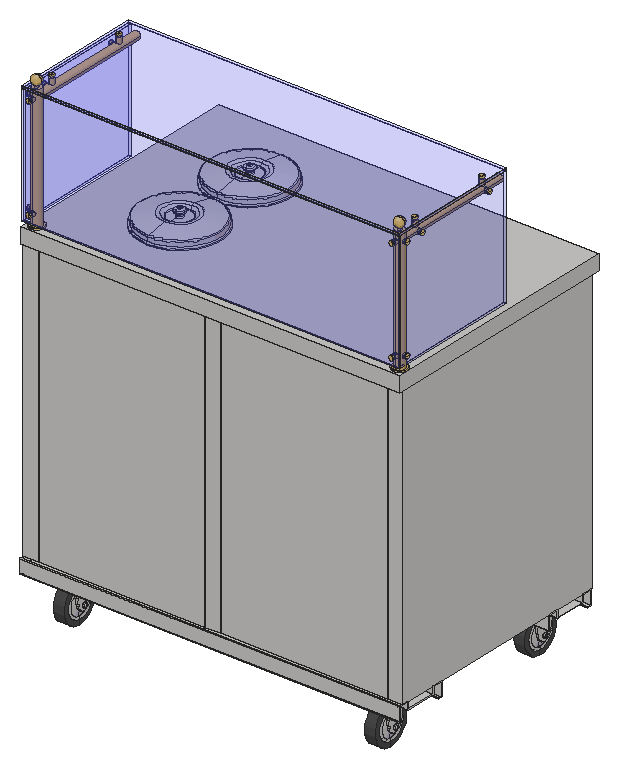
Revit family "Food-Service-Equipment_Oscartek_Pozzetti_PS2", category Specialty Equipment, Revit 2026
Family settings
  Round Connector Dimension = Use Diameter
  Part Type = Normal
  Classification Number = 23.40.40.11.17
  Work Plane-Based = No
  Enable Cutting in Views = No
  Always vertical = Yes
  Cut with Voids When Loaded = No
  Maintain Annotation Orientation = No
  Shared = No
  Room Calculation Point = No
Parameters
  Weight in Pounds = 250
  Watts = if(Phase = 3, Volts * FL Amps * 1.73, Volts * FL Amps)  # 586.5 W
  Waste Water Discharge Temperature = 0 °F
  Volts = 115 V
  URL Cutsheet = "www.oscartek.com"
  URL = "www.oscartek.com"
  Type Comments = "As Specified"
  Test Data = "http://www.oscartek.com/company/clients.php"
  Specification by User = ""
  Specification by Manufacturer = ""
  Specification = "https://www.arcat.com/arcatcos/cos48/arc48760.html"
  Show Sneeze Guard [instance] = yes
  Show Legs [instance] = not(Show Casters)  # no
  Show Casters [instance] = yes
  Serial Number = ""
  Seismic Rating = ""
  Sales Information = "http://www.oscartek.com/company/contact.php"
  SMACNA No = ""
  Revision Code = ""
  Revision = "R1_2018-10"
  Refrigerant Volume = 0.00 kip
  Refrigerant Type = "R404A"
  Product Data = "http://www.oscartek.com/support/manuals/"
  Phase = 1
  Number of Poles = 1
  NAFEM Spec ID Number = ""
  Model = "POZZETTI PS2"
  Min Ckt Ampacity = 0 A
  Max Overcurrent Protection = 0 A
  Masterspec = ""
  Manufacturer Website = "http://www.oscartek.com/index.php"
  Manufacturer Phone - Toll Free = "855-885-2400"
  Manufacturer Phone = "650-342-2400"
  Manufacturer Fax = "650-342-7400"
  Manufacturer Address = "361 Beach Rd., Burlingame, CA 94010"
  Manufacturer = "OSCARTEK"
  Length = 39.37"
  Item Number = ""
  Installed By = ""
  Installation-Fabrication = "http://www.oscartek.com/support/manuals/"
  Indirect Waste Size = 1/2"
  Indirect Waste Flow = 0 GPM
  Indirect Waste Connection Type = ""
  Indirect Waste Connection Height = 0.00"
  Identify Quantity as Lot = yes
  Height = 36.65347"
  HP = ""
  Green Building-LEED = "https://www.arcat.com/green/green_building.shtml"
  Furnished By = ""
  Foodservice Equipment Identifier = yes
  FL Amps = 5.1 A
  Elec Conn RI Height = 0.00"
  Elec Conn Connection Height = 0.00"
  Drawn By = "Sumex Design, Inc. / Robert S. Weygant, CSI, CDT, SCIP"
  Description = "POZZETTI WITH STORAGE (SELF CONTAINED)"
  Depth = 25.79"
  Default Elevation = 0.00"
  Cycle = 60 Hz
  Copyright = "©Arcat Inc."
  Construction Details = "http://www.oscartek.com/support/manuals/"
  Conn Plug = ""
  Conn Conduit = yes
  Category = ""
  CSI MasterFormat = "11 41 13"
  Building Codes = "https://www.arcat.com/arcatcos/cos48/arc48760.html"
  BTUH = 0.0 Btu/h
  Apparent Power = 0 VA
Reference planes (in)
  plane 1 "BACK": y = 0
  plane 2: z = 0
  plane 3 "LEFT": x = 0
  plane 4 "RIGHT": x = 39.37
  plane 5 "FRONT": y = -25.79
  plane 6 "TOP": z = 36.65347
  plane 7 "Center Y": x = 19.685
  plane 8 "Center X": y = -12.895
  plane 9: z = 4.37401
  plane 10: z = 50.65347
  plane 11: x = 35.82907
Forms (in)
  Extrusion 1, solid, material "QF_Metal - Stainless - Polished"
    sketch origin (0, 0, 0) x (0, 1, 0) y (0, 0, 1)
      loop
        line (0, 36.65347) -> (-25.79, 36.65347) -> (-25.79, 35.07867) -> (0, 35.07867) -> (0, 36.65347)
    from 0 to 39.37
  Extrusion 2, solid, material "QF_Metal - Stainless - Polished"
    sketch origin (0, 0, 0) x (0, 1, 0) y (0, 0, 1)
      loop
        line (-25.75344, 5.84644) -> (-24.73376, 5.84644) -> (-24.73376, 5.16928)
        arc (-24.73376, 5.16928) -> (-24.71416, 5.12196) -> (-24.66683, 5.10235) r 0.06693
        line (-24.66683, 5.10235) -> (-21.44601, 5.10235)
        arc (-21.44601, 5.10235) -> (-21.39894, 5.12185) -> (-21.37944, 5.16893) r 0.06658
        line (-21.37944, 5.16893) -> (-21.37944, 5.84644) -> (-20.35975, 5.84644) -> (-20.35975, 4.43306) -> (-20.72196, 4.43306) -> (-20.72196, 4.37401) -> (-20.36915, 4.37401)
        arc (-20.36915, 4.37401) -> (-20.32075, 4.39406) -> (-20.3007, 4.44246) r 0.06845
        line (-20.3007, 4.44246) -> (-20.3007, 5.84188)
        arc (-20.3007, 5.84188) -> (-20.31933, 5.88687) -> (-20.36432, 5.9055) r 0.06362
        line (-20.36432, 5.9055) -> (-21.37029, 5.9055)
        arc (-21.37029, 5.9055) -> (-21.41852, 5.88552) -> (-21.43849, 5.83729) r 0.06821
        line (-21.43849, 5.83729) -> (-21.43849, 5.16141) -> (-24.67471, 5.16141) -> (-24.67471, 5.83857)
        arc (-24.67471, 5.83857) -> (-24.69431, 5.8859) -> (-24.74164, 5.9055) r 0.06693
        line (-24.74164, 5.9055) -> (-25.74557, 5.9055)
        arc (-25.74557, 5.9055) -> (-25.7929, 5.8859) -> (-25.8125, 5.83857) r 0.06693
        line (-25.8125, 5.83857) -> (-25.8125, 4.43787)
        arc (-25.8125, 4.43787) -> (-25.7938, 4.39271) -> (-25.74864, 4.37401) r 0.06386
        line (-25.74864, 4.37401) -> (-25.39124, 4.37401) -> (-25.39124, 4.43306) -> (-25.75344, 4.43306) -> (-25.75344, 5.84644)
    from 0 to 39.37
  Extrusion 3, solid, material "QF_Metal - Stainless - Polished"
    sketch origin (0, -25.79, 0) x (0, -1, 0) y (0, 0, -1)
      loop
        line (-24.80029, -5.84644) -> (-24.80029, -4.43306) -> (-24.43808, -4.43306) -> (-24.43808, -4.37401) -> (-24.79548, -4.37401)
        arc (-24.79548, -4.37401) -> (-24.84064, -4.39271) -> (-24.85934, -4.43787) r 0.06386
        line (-24.85934, -4.43787) -> (-24.85934, -5.83857)
        arc (-24.85934, -5.83857) -> (-24.83974, -5.8859) -> (-24.79241, -5.9055) r 0.06693
        line (-24.79241, -5.9055) -> (-23.78848, -5.9055)
        arc (-23.78848, -5.9055) -> (-23.74115, -5.8859) -> (-23.72155, -5.83857) r 0.06693
        line (-23.72155, -5.83857) -> (-23.72155, -5.16141) -> (-20.48533, -5.16141) -> (-20.48533, -5.83729)
        arc (-20.48533, -5.83729) -> (-20.46536, -5.88552) -> (-20.41713, -5.9055) r 0.06821
        line (-20.41713, -5.9055) -> (-19.41116, -5.9055)
        arc (-19.41116, -5.9055) -> (-19.36617, -5.88687) -> (-19.34754, -5.84188) r 0.06362
        line (-19.34754, -5.84188) -> (-19.34754, -4.44246)
        arc (-19.34754, -4.44246) -> (-19.36759, -4.39406) -> (-19.41599, -4.37401) r 0.06845
        line (-19.41599, -4.37401) -> (-19.7688, -4.37401) -> (-19.7688, -4.43306) -> (-19.4066, -4.43306) -> (-19.4066, -5.84644) -> (-20.42628, -5.84644) -> (-20.42628, -5.16893)
        arc (-20.42628, -5.16893) -> (-20.44578, -5.12185) -> (-20.49285, -5.10235) r 0.06658
        line (-20.49285, -5.10235) -> (-23.71367, -5.10235)
        arc (-23.71367, -5.10235) -> (-23.761, -5.12196) -> (-23.7806, -5.16928) r 0.06693
        line (-23.7806, -5.16928) -> (-23.7806, -5.84644) -> (-24.80029, -5.84644)
    from 0 to 39.37
  Extrusion 4, solid, material "QF_Plastic - Black - Smooth"
    sketch origin (0, -0.81255, 35.07867) x (0, 0, -1) y (-1, 0, 0)
      loop
        line (6.11123, -33.33267) -> (6.11123, -24.17489) -> (5.324, -24.17489) -> (5.324, -33.33267) -> (6.11123, -33.33267)
      loop
        line (7.063, -33.33267) -> (7.063, -24.17489) -> (6.27577, -24.17489) -> (6.27577, -33.33267) -> (7.063, -33.33267)
      loop
        line (8.01477, -33.33267) -> (8.01477, -24.17489) -> (7.22754, -24.17489) -> (7.22754, -33.33267) -> (8.01477, -33.33267)
      loop
        line (8.96654, -33.33267) -> (8.96654, -24.17489) -> (8.17931, -24.17489) -> (8.17931, -33.33267) -> (8.96654, -33.33267)
      loop
        line (9.91831, -33.33267) -> (9.91831, -25.17489) -> (9.13108, -24.38766) -> (9.13108, -33.33267) -> (9.91831, -33.33267)
      loop
        line (10.87008, -33.33267) -> (10.87008, -26.12666) -> (10.08285, -25.33943) -> (10.08285, -33.33267) -> (10.87008, -33.33267)
      loop
        line (11.82185, -33.33267) -> (11.82185, -27.07843) -> (11.03462, -26.2912) -> (11.03462, -33.33267) -> (11.82185, -33.33267)
      loop
        line (22.06743, -34.14423) -> (22.06743, -23.35469) -> (21.2802, -23.35469) -> (21.2802, -34.14423) -> (22.06743, -34.14423)
      loop
        line (23.0192, -34.14423) -> (23.0192, -23.35469) -> (22.23197, -23.35469) -> (22.23197, -34.14423) -> (23.0192, -34.14423)
      loop
        line (23.97097, -34.14423) -> (23.97097, -23.35469) -> (23.18374, -23.35469) -> (23.18374, -34.14423) -> (23.97097, -34.14423)
      loop
        line (24.92274, -34.14423) -> (24.92274, -23.35469) -> (24.13551, -23.35469) -> (24.13551, -34.14423) -> (24.92274, -34.14423)
      loop
        line (25.87451, -34.14423) -> (25.87451, -23.35469) -> (25.08728, -23.35469) -> (25.08728, -34.14423) -> (25.87451, -34.14423)
      loop
        line (26.82628, -34.14423) -> (26.82628, -23.35469) -> (26.03905, -23.35469) -> (26.03905, -34.14423) -> (26.82628, -34.14423)
      loop
        line (27.77805, -34.14423) -> (27.77805, -23.35469) -> (26.99082, -23.35469) -> (26.99082, -34.14423) -> (27.77805, -34.14423)
      loop
        line (28.72982, -34.14423) -> (28.72982, -23.35469) -> (27.94259, -23.35469) -> (27.94259, -34.14423) -> (28.72982, -34.14423)
      loop
        line (19.21212, -34.14423) -> (19.21212, -25.13176) -> (18.42489, -25.91899) -> (18.42489, -34.14423) -> (19.21212, -34.14423)
      loop
        line (20.16389, -34.14423) -> (20.16389, -24.17999) -> (19.37666, -24.96722) -> (19.37666, -34.14423) -> (20.16389, -34.14423)
      loop
        line (21.11566, -34.14423) -> (21.11566, -23.22822) -> (20.32843, -24.01545) -> (20.32843, -34.14423) -> (21.11566, -34.14423)
    from 0 to 0.06
  Extrusion 5, solid, material "QF_Metal - Stainless - Polished"
    sketch origin (1.5748, 0, 35.07867) x (0, 0, -1) y (0, 1, 0)
      loop
        line (0, -25.4188) -> (29.17317, -25.4188) -> (29.17317, -23.8488) -> (0, -23.8488) -> (0, -25.4188)
      loop
        line (0, -0.81255) -> (0, -2.38255) -> (29.17317, -2.38255) -> (29.17317, -0.81255) -> (0, -0.81255)
    from 0 to 17.3228
  Extrusion 6, solid, material "QF_Metal - Stainless - Polished"
    sketch origin (0, 0, 0) x (1, 0, 0) y (0, 0, 1)
      loop
        line (0, 35.07867) -> (0, 5.9055) -> (1.5748, 5.9055) -> (1.5748, 35.07867) -> (0, 35.07867)
      loop
        line (39.37, 35.07867) -> (37.7952, 35.07867) -> (37.7952, 5.9055) -> (39.37, 5.9055) -> (39.37, 35.07867)
      loop
        line (20.4724, 35.07867) -> (18.8976, 35.07867) -> (18.8976, 5.9055) -> (20.4724, 5.9055) -> (20.4724, 35.07867)
    from 0.81255 to 25.4188
  Blend 7, solid, material "QF_Metal - Stainless - Polished", not visible
    base sketch origin (1.5748, -0.56255, 35.07867) x (0, 0, -1) y (-1, 0, 0)
      loop
        line (24.38762, -13.45273) -> (25.29732, -13.45273) -> (25.29732, -8.87006) -> (24.38762, -8.87006) -> (24.38762, -13.45273)
    top sketch origin (1.5748, -0.56255, 35.07867) x (0, 0, -1) y (-1, 0, 0)
      loop
        line (24.25582, -14.78344) -> (25.47516, -14.78344)
        arc (25.47516, -14.78344) -> (25.5751, -14.74204) -> (25.6165, -14.6421) r 0.14133
        line (25.6165, -14.6421) -> (25.6165, -7.64149)
        arc (25.6165, -7.64149) -> (25.58658, -7.56927) -> (25.51436, -7.53935) r 0.10214
        line (25.51436, -7.53935) -> (24.26614, -7.53935)
        arc (24.26614, -7.53935) -> (24.19557, -7.56858) -> (24.16634, -7.63915) r 0.0998
        line (24.16634, -7.63915) -> (24.16634, -14.69396)
        arc (24.16634, -14.69396) -> (24.19255, -14.75723) -> (24.25582, -14.78344) r 0.08948
    from 0 to -0.25
  Extrusion 8, solid, material "QF_Plastic - Black - Smooth", not visible
    sketch origin (19.685, -0.56255, 35.07867) x (0, 0, -1) y (-1, 0, 0)
      loop
        line (24.38762, 6.75975) -> (25.29732, 6.75975) -> (25.29732, 9.24014) -> (24.38762, 9.24014) -> (24.38762, 6.75975)
      loop
        line (24.78346, 6.88188) -> (24.78346, 7.40943) -> (24.4112, 7.40943) -> (24.4112, 6.88188) -> (24.78346, 6.88188)
      loop
        line (24.78346, 7.49211) -> (24.78346, 8.01967) -> (24.4112, 8.01967) -> (24.4112, 7.49211) -> (24.78346, 7.49211)
      loop
        line (24.78346, 8.10234) -> (24.78346, 8.6299) -> (24.4112, 8.6299) -> (24.4112, 8.10234) -> (24.78346, 8.10234)
      loop
        line (24.78346, 8.68478) -> (24.78346, 9.21234) -> (24.4112, 9.21234) -> (24.4112, 8.68478) -> (24.78346, 8.68478)
      loop
        line (25.27827, 6.88188) -> (25.27827, 7.40943) -> (24.90601, 7.40943) -> (24.90601, 6.88188) -> (25.27827, 6.88188)
      loop
        line (25.27827, 7.49211) -> (25.27827, 8.01967) -> (24.90601, 8.01967) -> (24.90601, 7.49211) -> (25.27827, 7.49211)
      loop
        line (25.27827, 8.10234) -> (25.27827, 8.6299) -> (24.90601, 8.6299) -> (24.90601, 8.10234) -> (25.27827, 8.10234)
      loop
        line (25.27827, 8.68478) -> (25.27827, 9.21234) -> (24.90601, 9.21234) -> (24.90601, 8.68478) -> (25.27827, 8.68478)
    from 0 to 0.06
  Extrusion 9, solid, material "Glass", not visible
    sketch origin (19.685, -0.56255, 35.07867) x (0, 0, -1) y (-1, 0, 0)
      loop
        line (24.38762, 4.65747) -> (25.29732, 4.65747) -> (25.29732, 6.75975) -> (24.38762, 6.75975) -> (24.38762, 4.65747)
    from 0 to 0.06
  Extrusion 10, solid, material "QF_Metal - Stainless - Polished", not visible
    sketch origin (19.685, -0.56255, 35.07867) x (0, 0, -1) y (-1, 0, 0)
      loop
        line (24.78346, 6.88188) -> (24.78346, 7.40943) -> (24.4112, 7.40943) -> (24.4112, 6.88188) -> (24.78346, 6.88188)
      loop
        line (24.78346, 7.49211) -> (24.78346, 8.01967) -> (24.4112, 8.01967) -> (24.4112, 7.49211) -> (24.78346, 7.49211)
      loop
        line (24.78346, 8.10234) -> (24.78346, 8.6299) -> (24.4112, 8.6299) -> (24.4112, 8.10234) -> (24.78346, 8.10234)
      loop
        line (24.78346, 8.68478) -> (24.78346, 9.21234) -> (24.4112, 9.21234) -> (24.4112, 8.68478) -> (24.78346, 8.68478)
      loop
        line (25.27827, 6.88188) -> (25.27827, 7.40943) -> (24.90601, 7.40943) -> (24.90601, 6.88188) -> (25.27827, 6.88188)
      loop
        line (25.27827, 7.49211) -> (25.27827, 8.01967) -> (24.90601, 8.01967) -> (24.90601, 7.49211) -> (25.27827, 7.49211)
      loop
        line (25.27827, 8.10234) -> (25.27827, 8.6299) -> (24.90601, 8.6299) -> (24.90601, 8.10234) -> (25.27827, 8.10234)
      loop
        line (25.27827, 8.68478) -> (25.27827, 9.21234) -> (24.90601, 9.21234) -> (24.90601, 8.68478) -> (25.27827, 8.68478)
    from 0 to 0.06
  Extrusion 11, solid, material "QF_Metal - Stainless - Polished"
    sketch origin (37.7952, 0, 5.9055) x (0, -1, 0) y (-1, 0, 0)
      loop
        circle (12.91336, 27.9527) r 0.64961
      loop
        circle (21.70915, 23.914) r 0.69
      loop
        circle (21.70915, 25.414) r 0.59055
    from 0 to 0.25
  Extrusion 12, solid, material "QF_Metal - Stainless - Polished"
    sketch origin (37.7952, 0, 35.07867) x (0, 0, -1) y (0, -1, 0)
      loop
        line (0, 25.4188) -> (0, 23.8488) -> (29.17317, 23.8488) -> (29.17317, 25.4188) -> (0, 25.4188)
      loop
        line (0, 0.81255) -> (29.17317, 0.81255) -> (29.17317, 2.38255) -> (0, 2.38255) -> (0, 0.81255)
    from 0 to 17.3228
  Blend 13, solid, material "QF_Metal - Stainless - Polished"
    base sketch origin (17.56772, -0.56255, 58.04373) x (0, 0, -1) y (-1, 0, 0)
      loop
        line (24.38762, -13.45273) -> (25.29732, -13.45273) -> (25.29732, -8.87006) -> (24.38762, -8.87006) -> (24.38762, -13.45273)
    top sketch origin (17.56772, -0.56255, 58.04373) x (0, 0, -1) y (-1, 0, 0)
      loop
        line (24.25582, -14.78344) -> (25.47516, -14.78344)
        arc (25.47516, -14.78344) -> (25.5751, -14.74204) -> (25.6165, -14.6421) r 0.14133
        line (25.6165, -14.6421) -> (25.6165, -7.64149)
        arc (25.6165, -7.64149) -> (25.58658, -7.56927) -> (25.51436, -7.53935) r 0.10214
        line (25.51436, -7.53935) -> (24.26614, -7.53935)
        arc (24.26614, -7.53935) -> (24.19557, -7.56858) -> (24.16634, -7.63915) r 0.0998
        line (24.16634, -7.63915) -> (24.16634, -14.69396)
        arc (24.16634, -14.69396) -> (24.19255, -14.75723) -> (24.25582, -14.78344) r 0.08948
    from 0 to -0.25
  Extrusion 14, solid, material "QF_Plastic - Black - Smooth"
    sketch origin (35.67792, -0.56255, 58.04373) x (0, 0, -1) y (-1, 0, 0)
      loop
        line (24.38762, 6.75975) -> (25.29732, 6.75975) -> (25.29732, 9.24014) -> (24.38762, 9.24014) -> (24.38762, 6.75975)
      loop
        line (24.78346, 6.88188) -> (24.78346, 7.40943) -> (24.4112, 7.40943) -> (24.4112, 6.88188) -> (24.78346, 6.88188)
      loop
        line (24.78346, 7.49211) -> (24.78346, 8.01967) -> (24.4112, 8.01967) -> (24.4112, 7.49211) -> (24.78346, 7.49211)
      loop
        line (24.78346, 8.10234) -> (24.78346, 8.6299) -> (24.4112, 8.6299) -> (24.4112, 8.10234) -> (24.78346, 8.10234)
      loop
        line (24.78346, 8.68478) -> (24.78346, 9.21234) -> (24.4112, 9.21234) -> (24.4112, 8.68478) -> (24.78346, 8.68478)
      loop
        line (25.27827, 6.88188) -> (25.27827, 7.40943) -> (24.90601, 7.40943) -> (24.90601, 6.88188) -> (25.27827, 6.88188)
      loop
        line (25.27827, 7.49211) -> (25.27827, 8.01967) -> (24.90601, 8.01967) -> (24.90601, 7.49211) -> (25.27827, 7.49211)
      loop
        line (25.27827, 8.10234) -> (25.27827, 8.6299) -> (24.90601, 8.6299) -> (24.90601, 8.10234) -> (25.27827, 8.10234)
      loop
        line (25.27827, 8.68478) -> (25.27827, 9.21234) -> (24.90601, 9.21234) -> (24.90601, 8.68478) -> (25.27827, 8.68478)
    from 0 to 0.06
  Extrusion 15, solid, material "Glass"
    sketch origin (35.67792, -0.56255, 58.04373) x (0, 0, -1) y (-1, 0, 0)
      loop
        line (24.38762, 4.65747) -> (25.29732, 4.65747) -> (25.29732, 6.75975) -> (24.38762, 6.75975) -> (24.38762, 4.65747)
    from 0 to 0.06
  Extrusion 16, solid, material "QF_Metal - Stainless - Polished"
    sketch origin (35.67792, -0.56255, 58.04373) x (0, 0, -1) y (-1, 0, 0)
      loop
        line (24.78346, 6.88188) -> (24.78346, 7.40943) -> (24.4112, 7.40943) -> (24.4112, 6.88188) -> (24.78346, 6.88188)
      loop
        line (24.78346, 7.49211) -> (24.78346, 8.01967) -> (24.4112, 8.01967) -> (24.4112, 7.49211) -> (24.78346, 7.49211)
      loop
        line (24.78346, 8.10234) -> (24.78346, 8.6299) -> (24.4112, 8.6299) -> (24.4112, 8.10234) -> (24.78346, 8.10234)
      loop
        line (24.78346, 8.68478) -> (24.78346, 9.21234) -> (24.4112, 9.21234) -> (24.4112, 8.68478) -> (24.78346, 8.68478)
      loop
        line (25.27827, 6.88188) -> (25.27827, 7.40943) -> (24.90601, 7.40943) -> (24.90601, 6.88188) -> (25.27827, 6.88188)
      loop
        line (25.27827, 7.49211) -> (25.27827, 8.01967) -> (24.90601, 8.01967) -> (24.90601, 7.49211) -> (25.27827, 7.49211)
      loop
        line (25.27827, 8.10234) -> (25.27827, 8.6299) -> (24.90601, 8.6299) -> (24.90601, 8.10234) -> (25.27827, 8.10234)
      loop
        line (25.27827, 8.68478) -> (25.27827, 9.21234) -> (24.90601, 9.21234) -> (24.90601, 8.68478) -> (25.27827, 8.68478)
    from 0 to 0.06
  Revolve 17, solid, material "QF_Metal - Stainless - Polished"
    sketch origin (9.84125, 6.99916, 48) x (0, 1, 0) y (0, 0, -1)
      loop
        line (-24.39607, 9.78644) -> (-24.39607, 11.34653) -> (-28.64788, 11.34653) -> (-28.64788, 11.25062)
        arc (-28.64788, 11.25062) -> (-28.60355, 11.15381) -> (-28.50129, 11.12412) r 0.12788
        line (-28.50129, 11.12412) -> (-28.50129, 10.68909)
        arc (-28.50129, 10.68909) -> (-28.4778, 10.62456) -> (-28.41833, 10.59022) r 0.10039
        line (-28.41833, 10.59022) -> (-26.37773, 10.23042)
        arc (-26.37773, 10.23042) -> (-26.18859, 10.23455) -> (-26.01541, 10.31074) r 0.48492
        line (-26.01541, 10.31074) -> (-25.71781, 10.5191)
        arc (-25.71781, 10.5191) -> (-25.68489, 10.53533) -> (-25.64861, 10.54091) r 0.12066
        line (-25.64861, 10.54091) -> (-24.73727, 10.54091)
        arc (-24.73727, 10.54091) -> (-24.66401, 10.51057) -> (-24.63366, 10.4373) r 0.10361
        line (-24.63366, 10.4373) -> (-24.63366, 10.28122)
        arc (-24.63366, 10.28122) -> (-24.6484, 10.23067) -> (-24.68801, 10.19597) r 0.09403
        line (-24.68801, 10.19597) -> (-24.8765, 10.10823)
        arc (-24.8765, 10.10823) -> (-24.91479, 10.07469) -> (-24.92905, 10.02582) r 0.09091
        line (-24.92905, 10.02582) -> (-24.92905, 9.98805)
        arc (-24.92905, 9.98805) -> (-24.91326, 9.93395) -> (-24.87087, 9.89681) r 0.10064
        line (-24.87087, 9.89681) -> (-24.65527, 9.79648)
        arc (-24.65527, 9.79648) -> (-24.63314, 9.78898) -> (-24.60991, 9.78644) r 0.10753
        line (-24.60991, 9.78644) -> (-24.39607, 9.78644)
      axis (-24.39607, 11.34653) -> (-24.39607, 9.78644)
    angle from 0 to 360
  Revolve 18, solid, material "QF_Metal - Stainless - Polished"
    sketch origin (9.84125, -32.60166, 48) x (0, -1, 0) y (0, 0, 1)
      loop
        line (-24.274, -9.78644) -> (-24.48784, -9.78644)
        arc (-24.48784, -9.78644) -> (-24.51107, -9.78898) -> (-24.5332, -9.79648) r 0.10753
        line (-24.5332, -9.79648) -> (-24.7488, -9.89681)
        arc (-24.7488, -9.89681) -> (-24.79119, -9.93395) -> (-24.80698, -9.98805) r 0.10064
        line (-24.80698, -9.98805) -> (-24.80698, -10.02582)
        arc (-24.80698, -10.02582) -> (-24.79272, -10.07469) -> (-24.75443, -10.10823) r 0.09091
        line (-24.75443, -10.10823) -> (-24.56594, -10.19597)
        arc (-24.56594, -10.19597) -> (-24.52633, -10.23067) -> (-24.51159, -10.28122) r 0.09403
        line (-24.51159, -10.28122) -> (-24.51159, -10.4373)
        arc (-24.51159, -10.4373) -> (-24.54194, -10.51057) -> (-24.6152, -10.54091) r 0.10361
        line (-24.6152, -10.54091) -> (-25.52654, -10.54091)
        arc (-25.52654, -10.54091) -> (-25.56282, -10.53533) -> (-25.59574, -10.5191) r 0.12066
        line (-25.59574, -10.5191) -> (-25.89334, -10.31074)
        arc (-25.89334, -10.31074) -> (-26.06652, -10.23455) -> (-26.25566, -10.23042) r 0.48492
        line (-26.25566, -10.23042) -> (-28.29626, -10.59022)
        arc (-28.29626, -10.59022) -> (-28.35573, -10.62456) -> (-28.37922, -10.68909) r 0.10039
        line (-28.37922, -10.68909) -> (-28.37922, -11.12412)
        arc (-28.37922, -11.12412) -> (-28.48148, -11.15381) -> (-28.52581, -11.25062) r 0.12788
        line (-28.52581, -11.25062) -> (-28.52581, -11.34653) -> (-24.274, -11.34653) -> (-24.274, -9.78644)
      axis (-24.274, -11.34653) -> (-24.274, -9.78644)
    angle from 0 to 360
  Extrusion 19, solid, material "QF_Metal - Stainless - Polished"
    sketch origin (0, 0, 0) x (0, 1, 0) y (0, 0, 1)
      loop
        line (-23.8488, 5.9055) -> (-2.38255, 5.9055) -> (-2.38255, 6.4055) -> (-23.8488, 6.4055) -> (-23.8488, 5.9055)
    from 1.5748 to 37.7952
Lines and regions (in)
  symbolic lines
    curve 1: line (0, 0, 0) -> (39.37, 0, 0)
    curve 2: line (0, -25.79, 0) -> (0, 0, 0)
    curve 3: line (39.37, -25.79, 0) -> (0, -25.79, 0)
    curve 4: line (39.37, 0, 0) -> (39.37, -25.79, 0)
  symbolic lines, style "QF-Surface Details"
    curve 5: circle (9.84125, -17.39692, 0) r 4.25181 normal (0, 0, -1)
    curve 6: circle (9.84125, -17.39692, 0) r 4.10522 normal (0, 0, -1)
    curve 7: circle (9.84125, -17.39835, 0) r 0.54261 normal (0, 0, -1)
    curve 8: circle (9.84125, -17.39733, 0) r 0.23688 normal (0, 0, -1)
    curve 9: circle (9.84125, -8.33058, 0) r 4.25181 normal (0, 0, 1)
    curve 10: circle (9.84125, -8.33058, 0) r 4.10522 normal (0, 0, 1)
    curve 11: circle (9.84125, -8.31353, 0) r 0.54261 normal (0, 0, 1)
    curve 12: circle (9.84125, -8.31455, 0) r 0.23688 normal (0, 0, 1)
    curve 13: circle (9.8425, -8.40728, 0) r 2 normal (0, 0, 1)
    curve 14: circle (9.8425, -8.40728, 0) r 1.5 normal (0, 0, 1)
    curve 15: circle (9.8425, -17.47654, 0) r 2 normal (0, 0, 1)
    curve 16: circle (9.8425, -17.47654, 0) r 1.5 normal (0, 0, 1)
Dimensions and locks (in)
  equal spacing: plane 3 "LEFT", plane 7 "Center Y", plane 4 "RIGHT"
  "Length": plane 3 "LEFT" to plane 4 "RIGHT"
  equal spacing: plane 5 "FRONT", plane 8 "Center X", plane 1 "BACK"
  "Depth": plane 5 "FRONT" to plane 1 "BACK"
  "Height": plane 6 "TOP" to level
  plane 5 "FRONT" to plane 1 "BACK" = 25.79"
  plane 6 "TOP" to plane 2 = 36.65347"
  plane 2 to plane 9 = 4.37401"
  plane 9 to plane 2 = 4.37401"
  plane 10 to plane 6 "TOP" = 14.00"
  locked: plane 11 to plane 4 "RIGHT" at 3.54093
  plane 5 "FRONT" to nested 4 = 14.00"
  aligned and locked: plane 2 to level
  aligned and locked: Extrusion 2 to plane 4 "RIGHT"
  aligned and locked: Extrusion 3 to plane 4 "RIGHT"
  aligned and locked: Extrusion 1 to plane 4 "RIGHT"
  aligned and locked: nested 1 to plane 11
  aligned and locked: nested 3 to plane 11
  aligned and locked: Extrusion 6 to Extrusion 5
Automatic sketch dimensions
  Blend 13 sketch curve to Blend 13 sketch curve = 0.9097"
  Blend 13 sketch curve to Blend 13 sketch curve = 4.58267"
  Blend 13 sketch curve to Blend 13 sketch curve = 0.08948"
  Blend 13 sketch curve to Blend 13 sketch curve = 0.0998"
  Blend 13 sketch curve to Blend 13 sketch curve = 1.21935"
  Blend 13 sketch curve to Blend 13 sketch curve = 1.24822"
  Blend 13 sketch curve to Blend 13 sketch curve = 0.10214"
  Blend 13 sketch curve to Blend 13 sketch curve = 7.00061"
  Extrusion 14 sketch curve to Extrusion 14 sketch curve = 0.02358"  (x2)
  Extrusion 14 sketch curve to Extrusion 14 sketch curve = 0.00"  (x13)
  Extrusion 14 sketch curve to Extrusion 14 sketch curve = 0.37226"  (x4)
  Extrusion 14 sketch curve to Extrusion 14 sketch curve = 0.12255"  (x2)
  Extrusion 14 sketch curve to Extrusion 14 sketch curve = 0.01905"
  Extrusion 14 sketch curve to Extrusion 14 sketch curve = 0.12213"
  Extrusion 14 sketch curve to Extrusion 14 sketch curve = 0.52756"  (x4)
  Extrusion 14 sketch curve to Extrusion 14 sketch curve = 0.08268"  (x4)
  Extrusion 14 sketch curve to Extrusion 14 sketch curve = 0.05488"  (x2)
  Extrusion 14 sketch curve to Extrusion 14 sketch curve = 0.0278"
  Extrusion 15 sketch curve to Extrusion 15 sketch curve = 0.9097"
  Extrusion 15 sketch curve to Extrusion 15 sketch curve = 2.10228"
  Extrusion 16 sketch curve to Extrusion 16 sketch curve = 0.00"  (x15)
  Extrusion 16 sketch curve to Extrusion 16 sketch curve = 0.37226"  (x3)
  Extrusion 16 sketch curve to Extrusion 16 sketch curve = 0.12255"  (x2)
  Extrusion 16 sketch curve to Extrusion 16 sketch curve = 0.52756"  (x4)
  Extrusion 16 sketch curve to Extrusion 16 sketch curve = 0.08268"  (x4)
  Extrusion 16 sketch curve to Extrusion 16 sketch curve = 0.05488"  (x2)
  Extrusion 2 sketch curve to plane 9 = 0.00"  (x2)
  plane 5 "FRONT" to Extrusion 2 sketch curve = 0.0225"
  Extrusion 2 sketch curve to plane 5 "FRONT" = 0.03656"
  Extrusion 2 sketch curve to Extrusion 2 sketch curve = 0.00481"  (x2)
  Extrusion 2 sketch curve to Extrusion 2 sketch curve = 0.00787"  (x4)
  Extrusion 2 sketch curve to Extrusion 2 sketch curve = 0.3574"
  Extrusion 2 sketch curve to Extrusion 2 sketch curve = 1.00394"
  Extrusion 2 sketch curve to Extrusion 2 sketch curve = 0.05905"  (x4)
  plane 9 to Extrusion 2 sketch curve = 0.72835"
  Extrusion 2 sketch curve to Extrusion 2 sketch curve = 3.22082"
  Extrusion 2 sketch curve to Extrusion 2 sketch curve = 0.00752"  (x2)
  Extrusion 2 sketch curve to Extrusion 2 sketch curve = 0.00915"  (x2)
  Extrusion 2 sketch curve to Extrusion 2 sketch curve = 0.72405"
  Extrusion 2 sketch curve to Extrusion 2 sketch curve = 0.3528"
  Extrusion 2 sketch curve to Extrusion 2 sketch curve = 1.00596"
  Extrusion 2 sketch curve to Extrusion 2 sketch curve = 0.00457"
  Extrusion 2 sketch curve to Extrusion 2 sketch curve = 0.66837"
  Extrusion 2 sketch curve to Extrusion 2 sketch curve = 0.66929"
  plane 11 to Extrusion 4 sketch curve = 2.4964"  (x2)
  Extrusion 4 sketch curve to plane 6 "TOP" = 6.8988"
  Extrusion 4 sketch curve to Extrusion 4 sketch curve = 0.78723"  (x22)
  Extrusion 4 sketch curve to Extrusion 4 sketch curve = 0.16454"  (x20)
  plane 11 to Extrusion 4 sketch curve = 1.68483"  (x3)
  Extrusion 4 sketch curve to Extrusion 4 sketch curve = 6.60304"
  plane 7 "Center Y" to Extrusion 4 sketch curve = 5.28222"
  Extrusion 4 sketch curve to Extrusion 4 sketch curve = 0.00"  (x21)
  Extrusion 4 sketch curve to Extrusion 4 sketch curve = 6.25424"
  Extrusion 4 sketch curve to Extrusion 4 sketch curve = 0.95177"
  Extrusion 4 sketch curve to Extrusion 4 sketch curve = 0.21277"  (x2)
  plane 7 "Center Y" to Extrusion 4 sketch curve = 3.66969"
  Extrusion 4 sketch curve to Extrusion 4 sketch curve = 0.66076"
  Extrusion 4 sketch curve to Extrusion 4 sketch curve = 0.12647"
  Revolve 17 sketch curve to plane 6 "TOP" = 0.00"
  plane 6 "TOP" to Revolve 17 sketch curve = 0.09591"
  Revolve 17 sketch curve to plane 5 "FRONT" = 4.14127"
  Revolve 17 sketch curve to Revolve 17 sketch curve = 0.12788"
  Revolve 17 sketch curve to Revolve 17 sketch curve = 0.01871"
  plane 6 "TOP" to Revolve 17 sketch curve = 0.75631"
  Revolve 17 sketch curve to Revolve 17 sketch curve = 0.08296"
  Revolve 17 sketch curve to Revolve 17 sketch curve = 0.01743"
  plane 6 "TOP" to Revolve 17 sketch curve = 1.11611"
  Revolve 17 sketch curve to Revolve 17 sketch curve = 2.0406"
  Revolve 17 sketch curve to Revolve 17 sketch curve = 0.0842"
  plane 6 "TOP" to Revolve 17 sketch curve = 1.03579"
  Revolve 17 sketch curve to Revolve 17 sketch curve = 0.36232"
  plane 6 "TOP" to Revolve 17 sketch curve = 0.82743"
  Revolve 17 sketch curve to Revolve 17 sketch curve = 0.2976"
  Revolve 17 sketch curve to Revolve 17 sketch curve = 0.0692"
  Revolve 17 sketch curve to Revolve 17 sketch curve = 0.71956"
  plane 6 "TOP" to Revolve 17 sketch curve = 1.2383"
  Revolve 17 sketch curve to Revolve 17 sketch curve = 0.05255"
  plane 6 "TOP" to Revolve 17 sketch curve = 1.44972"
  Revolve 17 sketch curve to Revolve 17 sketch curve = 0.05818"
  Revolve 17 sketch curve to Revolve 17 sketch curve = 0.03836"
  Revolve 17 sketch curve to Revolve 17 sketch curve = 0.00973"
  Revolve 17 sketch curve to Revolve 17 sketch curve = 0.13923"
  Revolve 17 sketch curve to Revolve 17 sketch curve = 0.00958"
  plane 6 "TOP" to Revolve 17 sketch curve = 1.15056"
  Revolve 17 sketch curve to Revolve 17 sketch curve = 0.03968"
  plane 6 "TOP" to Revolve 17 sketch curve = 1.55005"
  Revolve 17 sketch curve to Revolve 17 sketch curve = 0.21559"
  Revolve 17 sketch curve to Revolve 17 sketch curve = 0.09403"
  Revolve 17 sketch curve to Revolve 17 sketch curve = 0.04537"
  Revolve 17 sketch curve to Revolve 17 sketch curve = 0.21383"
  Revolve 17 sketch curve to Revolve 17 sketch curve = 0.01004"
  Revolve 17 sketch curve to Revolve 17 sketch curve = 0.09884"
  Revolve 17 sketch curve to Revolve 17 sketch curve = 0.00"  (x2)
  Revolve 17 sketch curve to Revolve 17 sketch curve = 1.25"
  curve 5 to curve 6 = 0.00"  (x2)
  curve 9 to curve 10 = 0.00"  (x2)
  curve 13 to curve 14 = 0.00"  (x2)
  curve 15 to curve 16 = 0.00"  (x2)
  curve 3 to plane 3 "LEFT" = 0.00"
  plane 1 "BACK" to curve 1 = 0.00"
  curve 1 to plane 4 "RIGHT" = 0.00"
  plane 5 "FRONT" to curve 3 = 0.00"
  plane 8 "Center X" to curve 11 = 4.58147"
  plane 3 "LEFT" to curve 11 = 9.84125"
  curve 12 to curve 11 = 0.00"
  curve 10 to curve 12 = 0.00"
  curve 5 to plane 8 "Center X" = 4.50192"
  curve 5 to curve 9 = 0.00"
  curve 7 to curve 5 = 0.00"
  curve 8 to curve 5 = 0.00"
  curve 7 to curve 15 = 0.00125"
  curve 9 to curve 14 = 0.00125"
  curve 15 to curve 5 = 0.07963"
  curve 7 to curve 5 = 0.00143"
  curve 8 to curve 5 = 0.00041"
  curve 13 to curve 11 = 0.09375"
  curve 9 to curve 11 = 0.01705"
  curve 12 to curve 11 = 0.00102"
  Extrusion 1 sketch curve to plane 5 "FRONT" = 0.00"
  Extrusion 1 sketch curve to plane 1 "BACK" = 0.00"
  Extrusion 1 sketch curve to plane 6 "TOP" = 0.00"
  Extrusion 1 sketch curve to plane 6 "TOP" = 1.5748"
  Extrusion 3 sketch curve to plane 9 = 0.00"  (x2)
  Extrusion 3 sketch curve to plane 1 "BACK" = 0.93066"
  Extrusion 3 sketch curve to Extrusion 3 sketch curve = 0.05905"  (x5)
  Extrusion 3 sketch curve to Extrusion 3 sketch curve = 0.00481"  (x2)
  Extrusion 3 sketch curve to Extrusion 3 sketch curve = 0.00787"  (x4)
  Extrusion 3 sketch curve to Extrusion 3 sketch curve = 0.3574"
  Extrusion 3 sketch curve to Extrusion 3 sketch curve = 1.00394"
  Extrusion 3 sketch curve to plane 9 = 0.72835"
  Extrusion 3 sketch curve to Extrusion 3 sketch curve = 3.22082"
  Extrusion 3 sketch curve to Extrusion 3 sketch curve = 0.00752"  (x2)
  Extrusion 3 sketch curve to Extrusion 3 sketch curve = 0.00915"  (x2)
  Extrusion 3 sketch curve to Extrusion 3 sketch curve = 0.72405"
  Extrusion 3 sketch curve to Extrusion 3 sketch curve = 0.3528"
  Extrusion 3 sketch curve to Extrusion 3 sketch curve = 1.00596"
  Extrusion 3 sketch curve to Extrusion 3 sketch curve = 0.00457"
  Extrusion 3 sketch curve to Extrusion 3 sketch curve = 0.66837"
  Extrusion 3 sketch curve to Extrusion 3 sketch curve = 0.66929"
  Extrusion 5 sketch curve to plane 5 "FRONT" = 0.3712"
  Extrusion 5 sketch curve to plane 6 "TOP" = 1.5748"  (x2)
  plane 9 to Extrusion 5 sketch curve = 1.53149"  (x2)
  Extrusion 5 sketch curve to Extrusion 5 sketch curve = 1.57"
  plane 1 "BACK" to Extrusion 5 sketch curve = 2.38255"
  plane 1 "BACK" to Extrusion 5 sketch curve = 0.81255"
  Extrusion 6 sketch curve to plane 3 "LEFT" = 0.00"
  plane 4 "RIGHT" to Extrusion 6 sketch curve = 0.00"
  plane 3 "LEFT" to Extrusion 6 sketch curve = 1.5748"
  Extrusion 6 sketch curve to plane 7 "Center Y" = 0.7874"
  plane 7 "Center Y" to Extrusion 6 sketch curve = 0.7874"
  Extrusion 6 sketch curve to Extrusion 6 sketch curve = 1.5748"
  plane 9 to Extrusion 6 sketch curve = 1.53149"  (x3)
  Extrusion 6 sketch curve to plane 6 "TOP" = 1.5748"  (x3)
  Extrusion 11 sketch curve to Extrusion 6 = 12.10081"
  Extrusion 11 sketch curve to Extrusion 6 = 3.70965"
  Extrusion 11 sketch curve to Extrusion 11 sketch curve = 0.00"
  Extrusion 6 to Extrusion 11 sketch curve = 27.9527"
  Extrusion 11 sketch curve to Extrusion 11 sketch curve = 2.5387"
  Extrusion 11 sketch curve to Extrusion 11 sketch curve = 1.50"
  Extrusion 12 sketch curve to plane 5 "FRONT" = 0.3712"
  Extrusion 12 sketch curve to plane 6 "TOP" = 1.5748"  (x2)
  plane 9 to Extrusion 12 sketch curve = 1.53149"  (x2)
  Extrusion 12 sketch curve to Extrusion 12 sketch curve = 1.57"
  plane 1 "BACK" to Extrusion 12 sketch curve = 2.38255"
  plane 1 "BACK" to Extrusion 12 sketch curve = 0.81255"
  Revolve 18 sketch curve to plane 6 "TOP" = 0.00"
  plane 6 "TOP" to Revolve 18 sketch curve = 0.09591"
  plane 1 "BACK" to Revolve 18 sketch curve = 4.07584"
  Revolve 18 sketch curve to Revolve 18 sketch curve = 0.12788"
  Revolve 18 sketch curve to Revolve 18 sketch curve = 0.01871"
  plane 6 "TOP" to Revolve 18 sketch curve = 0.75631"
  Revolve 18 sketch curve to Revolve 18 sketch curve = 0.08296"
  Revolve 18 sketch curve to Revolve 18 sketch curve = 0.01743"
  plane 6 "TOP" to Revolve 18 sketch curve = 1.11611"
  Revolve 18 sketch curve to Revolve 18 sketch curve = 2.0406"
  Revolve 18 sketch curve to Revolve 18 sketch curve = 0.0842"
  plane 6 "TOP" to Revolve 18 sketch curve = 1.03579"
  Revolve 18 sketch curve to Revolve 18 sketch curve = 0.36232"
  plane 6 "TOP" to Revolve 18 sketch curve = 0.82743"
  Revolve 18 sketch curve to Revolve 18 sketch curve = 0.2976"
  Revolve 18 sketch curve to Revolve 18 sketch curve = 0.0692"
  Revolve 18 sketch curve to Revolve 18 sketch curve = 0.71956"
  plane 6 "TOP" to Revolve 18 sketch curve = 1.2383"
  Revolve 18 sketch curve to Revolve 18 sketch curve = 0.05255"
  plane 6 "TOP" to Revolve 18 sketch curve = 1.44972"
  Revolve 18 sketch curve to Revolve 18 sketch curve = 0.05818"
  Revolve 18 sketch curve to Revolve 18 sketch curve = 0.03836"
  Revolve 18 sketch curve to Revolve 18 sketch curve = 0.00973"
  Revolve 18 sketch curve to Revolve 18 sketch curve = 0.13923"
  Revolve 18 sketch curve to Revolve 18 sketch curve = 0.00958"
  plane 6 "TOP" to Revolve 18 sketch curve = 1.15056"
  Revolve 18 sketch curve to Revolve 18 sketch curve = 0.03968"
  plane 6 "TOP" to Revolve 18 sketch curve = 1.55005"
  Revolve 18 sketch curve to Revolve 18 sketch curve = 0.21559"
  Revolve 18 sketch curve to Revolve 18 sketch curve = 0.09403"
  Revolve 18 sketch curve to Revolve 18 sketch curve = 0.04537"
  Revolve 18 sketch curve to Revolve 18 sketch curve = 0.21383"
  Revolve 18 sketch curve to Revolve 18 sketch curve = 0.02182"
  Revolve 18 sketch curve to Revolve 18 sketch curve = 0.09749"
  Revolve 18 sketch curve to Revolve 18 sketch curve = 0.00"  (x2)
  Revolve 18 sketch curve to Revolve 18 sketch curve = 1.25"
  Extrusion 19 sketch curve to plane 5 "FRONT" = 1.9412"
  plane 1 "BACK" to Extrusion 19 sketch curve = 2.38255"
  plane 9 to Extrusion 19 sketch curve = 1.53149"
  Extrusion 19 sketch curve to Extrusion 19 sketch curve = 0.50"
  radius of curve 5 = 4.25181"
  radius of curve 6 = 4.10522"
  radius of curve 7 = 0.54261"
  radius of curve 8 = 0.23688"
  radius of curve 9 = 4.25181"
  radius of curve 10 = 4.10522"
  radius of curve 11 = 0.54261"
  radius of curve 12 = 0.23688"
  radius of curve 13 = 2.00"
  radius of curve 14 = 1.50"
  radius of curve 15 = 2.00"
  radius of curve 16 = 1.50"
  radius of Extrusion 11 sketch curve = 0.64961"
  radius of Extrusion 11 sketch curve = 0.69"
  radius of Extrusion 11 sketch curve = 0.59055"
Nested families (in)
  nested 1: "L6_C6_01" at (35.82907, -23.19246, 0), Show Casters <- "Show Casters", type "L6_C6_01"
    with Type Mark "", Status "", Specification by User "", Show Legs no, Show Casters yes, Revision Code "", Item Number "", Installed By "", Identify Quantity as Lot yes, Furnished By "", Foodservice Equipment Identifier yes
  nested 2: "L6_C6_01" at (3.54093, -23.19246, 0), Show Casters <- "Show Casters", type "L6_C6_01"
    with Type Mark "", Status "", Specification by User "", Show Legs no, Show Casters yes, Revision Code "", Item Number "", Installed By "", Identify Quantity as Lot yes, Furnished By "", Foodservice Equipment Identifier yes
  nested 3: "L6_C6_01" at (35.82907, -3.80618, 0), Show Casters <- "Show Casters", type "L6_C6_01"
    with Type Mark "", Status "", Specification by User "", Show Legs no, Show Casters yes, Revision Code "", Item Number "", Installed By "", Identify Quantity as Lot yes, Furnished By "", Foodservice Equipment Identifier yes
  nested 4: "Glass" at (0.09485, -11.79, 36.65347), visible <- "Show Sneeze Guard", type "Glass"
    with Lenght 39.17295"
  nested 5: "L6_C6_01" at (3.54093, -3.80618, 0), Show Casters <- "Show Casters", type "L6_C6_01"
    with Type Mark "", Status "", Specification by User "", Show Legs no, Show Casters yes, Revision Code "", Item Number "", Installed By "", Identify Quantity as Lot yes, Furnished By "", Foodservice Equipment Identifier yes
Connectors (in)
  electrical at (28.7255, -0.81255, 33.15909), driven by "Volts", driven by "BTUH"
    settings: on Blend 13, index 5, voltage 115 V, apparent load 0 VA, apparent load phase1 0 VA, apparent load phase2 0 VA, apparent load phase3 0 VA, power factor 1, load classification "Other", number of poles 1, system type 30, power factor state 1, is connector primary yes, connector utility no, sub classification motor no, connector description "ELECTRICAL CONNECTION"
  piping at (9.8425, -12.91336, 5.6555), diameter 1
    settings: on Extrusion 11, index 6, connector inside diameter 24", connector length 0.00", flow factor 0, pipe flow 0 GPM, pressure drop 0.00 psi, fitting loss kfactor 0, connector angle 0.00°, fixture units 0, engagement length 0.00", angle of deflection 0.00°, flow configuration 1, flow direction 2, fitting loss method 0, system type 16, joint type 0, gender type 0, connector reference index -1, connector utility 0, adjustable connector no, is connector primary yes, connector description "DRAIN CONNECTION"
  piping at (12.3812, -21.70915, 5.6555), diameter 0.38
    settings: on Extrusion 11, index 7, connector inside diameter 24", connector length 0.00", flow factor 0, pipe flow 0 GPM, pressure drop 0.00 psi, fitting loss kfactor 0, connector angle 0.00°, fixture units 0, engagement length 0.00", angle of deflection 0.00°, flow configuration 1, flow direction 1, fitting loss method 0, system type 7, joint type 0, gender type 0, connector reference index -1, connector utility 0, adjustable connector no, is connector primary no, connector description "LIQUID LINE"
  piping at (13.8812, -21.70915, 5.6555), diameter 0.63
    settings: on Extrusion 11, index 8, connector inside diameter 24", connector length 0.00", flow factor 0, pipe flow 0 GPM, pressure drop 0.00 psi, fitting loss kfactor 0, connector angle 0.00°, fixture units 0, engagement length 0.00", angle of deflection 0.00°, flow configuration 1, flow direction 1, fitting loss method 0, system type 7, joint type 0, gender type 0, connector reference index -1, connector utility 0, adjustable connector no, is connector primary no, connector description "SUCTION LINE"
Definition of nested family "L6_C6_01"
  Parameters
    Weight = ""
    URL Manufacturer = ""
    URL Cutsheet = ""
    URL = ""
    Type Mark [instance] = ""
    Status [instance] = ""
    Specification by User [instance] = ""
    Specification by Manufacturer = ""
    Show Legs [instance] = not(Show Casters)  # no
    Show Casters [instance] = yes
    Serial Number = ""
    Seismic Rating = ""
    SMACNA No = ""
    Revision Code [instance] = ""
    Omniclass Number and Title = ""
    NAFEM Spec ID Number = ""
    Model = ""
    MasterSpec. = ""
    Manufacturer = ""
    Item Number [instance] = ""
    Installed By [instance] = ""
    Identify Quantity as Lot [instance] = yes
    Furnished By [instance] = ""
    Foodservice Equipment Identifier [instance] = yes
    Description = ""
    Default Elevation = 0.00"
    CSI MasterFormat = ""
    CSI Master Format = ""
  Reference planes (in)
    plane 1 "BACK": y = 0
    plane 2: z = 0
    plane 3 "LEFT": x = 0
    plane 4 "RIGHT": x = 0
    plane 5 "FRONT": y = 0
    plane 6 "TOP": z = 5.1
  Forms (in)
    Revolve 1, solid, visible <- "Show Legs"
      sketch origin (0, 11.12172, 0) x (0, -1, 0) y (0, 0, -1)
        loop
          line (11.12172, -5.1) -> (11.12172, 0) -> (10.62172, 0) -> (10.62172, -0.93065) -> (10.37172, -0.93065) -> (10.37172, -5.1) -> (11.12172, -5.1)
        axis (11.12172, 0) -> (11.12172, -5.1)
      angle from 0 to 360
  Dimensions and locks (in)
    plane 6 "TOP" to level = 5.10"  (x2)
    locked: Revolve 1 sketch curve to Revolve 1 sketch curve at 0.75
    aligned and locked: level to plane 2
  Nested families (in)
    nested 1: "5 INCHES 03_CASTER" at (0, 0, 0), visible <- "Show Casters", type "5 INCHES 03_CASTER"
      with Type Mark "", Specification by User "", Revision Code "", Item Number "", Installed By "", Identify Quantity as Lot yes, Furnished By "", Foodservice Equipment Identifier yes
  Definition of nested family "5 INCHES 03_CASTER"
    Parameters
      Weight = ""
      URL Manufacturer = ""
      URL Cutsheet = ""
      URL = ""
      Type Mark [instance] = ""
      Specification by User [instance] = ""
      Specification by Manufacturer = ""
      Serial Number = ""
      Seismic Rating = ""
      SMACNA No = ""
      Revision Code [instance] = ""
      Omniclass Number and Title = ""
      NAFEM Spec ID Number = ""
      Model = ""
      MasterSpec. = ""
      Manufacturer = ""
      Item Number [instance] = ""
      Installed By [instance] = ""
      Identify Quantity as Lot [instance] = yes
      Furnished By [instance] = ""
      Foodservice Equipment Identifier [instance] = yes
      Description = ""
      Default Elevation = 0.00"
      CSI MasterFormat = ""
      CSI Master Format = ""
      Assembly Code = ""
    Reference planes (in)
      plane 1: z = 0
      plane 2 "RIGHT": x = 0
      plane 3 "FRONT": y = 0
      plane 4 "TOP": z = 5.1
    Forms (in)
      Revolve 1, solid
        sketch origin (-1.93794, 0, -1.0041) x (1, 0, 0) y (0, 0, 1)
          loop
            line (0.74055, 3.0041) -> (0.74055, 2.9286) -> (0.79055, 2.8786) -> (0.85055, 2.8786) -> (0.85055, 2.75852) -> (1.235, 2.75852) -> (1.235, 2.56618) -> (1.37557, 2.48502) -> (1.49133, 1.76972) -> (1.34375, 1.76972) -> (1.34375, 1.53535) -> (1.375, 1.53535) -> (1.375, 1.0041) -> (2.48438, 1.0041) -> (2.48438, 1.53535) -> (2.51563, 1.53535) -> (2.51563, 1.76972) -> (2.36805, 1.76972) -> (2.48438, 2.48853) -> (2.62438, 2.56936) -> (2.62438, 2.75852) -> (3.04007, 2.75852) -> (3.04007, 2.8786) -> (3.10007, 2.8786) -> (3.15007, 2.9286) -> (3.15007, 3.0041) -> (0.74055, 3.0041)
          axis (0.74055, 3.0041) -> (3.15007, 3.0041)
        angle from 0 to 360
      Extrusion 2, solid
        sketch origin (-1.93794, 2.02587, -0.7541) x (0, 1, 0) y (0, 0, 1)
          loop
            line (-3.37739, 5.42999) -> (-3.37739, 5.10671) -> (-0.54934, 5.10671) -> (-0.54934, 5.42999) -> (-3.37739, 5.42999)
        from 1.17357 to 2.70231
      Revolve 3, solid
        sketch origin (0, 2.21793, -1.25) x (0, 1, 0) y (0, 0, 1)
          loop
            line (-2.21793, 6.35) -> (-2.21793, 5.92589) -> (-1.05793, 5.92589) -> (-1.05793, 6.35) -> (-2.21793, 6.35)
          axis (-2.21793, 5.92589) -> (-2.21793, 6.35)
        angle from 0 to 360
      Extrusion 4, solid
        sketch origin (-1.98481, 2.02587, -0.7541) x (0, 1, 0) y (0, 0, 1)
          loop
            line (-3.37739, 5.42999) -> (-3.37739, 5.10671) -> (-3.13737, 5.10671) -> (-2.6822, 2.77151)
            arc (-2.6822, 2.77151) -> (-1.96337, 2.17926) -> (-1.24454, 2.77151) r 0.73236
            line (-1.24454, 2.77151) -> (-0.78937, 5.10671) -> (-0.54934, 5.10671) -> (-0.54934, 5.42999) -> (-3.37739, 5.42999)
        from 2.74918 to 2.90825
      Extrusion 5, solid
        sketch origin (1.98481, 2.02587, -0.7541) x (0, 1, 0) y (0, 0, -1)
          loop
            line (-3.13737, -5.10671) -> (-3.37739, -5.10671) -> (-3.37739, -5.42999) -> (-0.54934, -5.42999) -> (-0.54934, -5.10671) -> (-0.78937, -5.10671) -> (-1.24454, -2.77151)
            arc (-1.24454, -2.77151) -> (-1.96337, -2.17926) -> (-2.6822, -2.77151) r 0.73236
            line (-2.6822, -2.77151) -> (-3.13737, -5.10671)
        from 2.74918 to 2.90825
    Lines and regions (in)
      symbolic lines
        curve 1: line (0.54262, 2.21348, 0) -> (1.50337, 1.65879, 0)
        curve 2: line (-1.45738, -1.25062, 0) -> (-0.70738, 0.04842, 0)
        curve 3: line (-0.49663, -1.80531, 0) -> (-1.45738, -1.25062, 0)
        curve 4: line (1.50337, 1.65879, 0) -> (0.75337, 0.35975, 0)
        curve 5: line (-0.20738, 0.91444, 0) -> (0.54262, 2.21348, 0)
        curve 6: line (0.25337, -0.50627, 0) -> (-0.49663, -1.80531, 0)
    Dimensions and locks (in)
      plane 4 "TOP" to level = 5.10"  (x2)
      aligned and locked: level to plane 1
Definition of nested family "Glass"
  Parameters
    Weight in Pounds = 0
    URL Cutsheet = ""
    Specification by User = ""
    Specification by Manufacturer = ""
    Serial Number = ""
    Seismic Rating = ""
    SMACNA No = ""
    Revision Code = ""
    NAFEM Spec ID Number = ""
    Masterspec = ""
    Lenght [instance] = 18.00"
    Item Number = ""
    Installed By = ""
    Identify Quantity as Lot = yes
    Height = 14.00"
    Furnished By = ""
    Foodservice Equipment Identifier = yes
    Depth = 14.00"
    Default Elevation = 0.00"
    CSI MasterFormat = ""
  Reference planes (in)
    plane 1 "BACK": y = 0
    plane 2: z = 0
    plane 3 "LEFT": x = 0
    plane 4 "RIGHT": x = 18
    plane 5 "FRONT": y = -14
    plane 6 "TOP": z = 14
    plane 7 "Center Y": x = 9
    plane 8 "Center X": y = -7
  Forms (in)
    Extrusion 1, solid
      sketch origin (0, -1.105, 0) x (1, 0, 0) y (0, 1, 0)
        loop
          line (0, 1.105) -> (0, -12.80823) -> (18, -12.80823) -> (18, 1.105) -> (0, 1.105)
      from 12.85951 to 13.10571
    Extrusion 2, solid
      sketch origin (0, -1.105, 0) x (1, 0, 0) y (0, 0, 1)
        loop
          line (18, 12.85951) -> (17.75808, 12.85951) -> (17.75808, 0.5) -> (18, 0.5) -> (18, 12.85951)
        loop
          line (0, 12.85951) -> (0, 0.5) -> (0.25, 0.5) -> (0.25, 12.85951) -> (0, 12.85951)
      from -1.105 to 12.55823
    Extrusion 3, solid
      sketch origin (0, 0, 0) x (0, 1, 0) y (0, 0, 1)
        loop
          line (-13.66323, 12.85951) -> (-13.91323, 12.85951) -> (-13.91323, 0.5) -> (-13.66323, 0.5) -> (-13.66323, 12.85951)
      from 0 to 18
  Lines and regions (in)
    symbolic lines
      curve 1: line (0, 0, 0) -> (18, 0, 0)
      curve 2: line (18, 0, 0) -> (18, -12.30774, 0)
      curve 3: line (18, -12.30774, 0) -> (0, -12.30774, 0)
      curve 4: line (0, -12.30774, 0) -> (0, 0, 0)
      curve 5: line (0, -13.91323, 0) -> (18, -13.91323, 0)
      curve 6: line (0, -13.66323, 0) -> (0, -13.91323, 0)
      curve 7: line (18, -13.66323, 0) -> (0, -13.66323, 0)
      curve 8: line (18, -13.91323, 0) -> (18, -13.66323, 0)
  Dimensions and locks (in)
    equal spacing: plane 3 "LEFT", plane 7 "Center Y", plane 4 "RIGHT"
    "Lenght": plane 3 "LEFT" to plane 4 "RIGHT"
    equal spacing: plane 5 "FRONT", plane 8 "Center X", plane 1 "BACK"
    "Depth": plane 5 "FRONT" to plane 1 "BACK"
    "Height": plane 6 "TOP" to level
    plane 6 "TOP" to plane 2 = 14.00"
    plane 5 "FRONT" to plane 1 "BACK" = 14.00"
    Extrusion 2 sketch curve to Extrusion 2 sketch curve to nested 2 = 0.24192" locked, 0.00" locked
    locked: Extrusion 2 sketch curve to Extrusion 2 sketch curve at 0.25
    aligned and locked: plane 2 to level
    aligned and locked: Extrusion 1 to plane 4 "RIGHT"
    aligned and locked: nested 2 to plane 4 "RIGHT"
    aligned and locked: Extrusion 3 to plane 4 "RIGHT"
  Automatic sketch dimensions
    plane 1 "BACK" to curve 1 = 0.00"
    curve 1 to plane 3 "LEFT" = 0.00"
    curve 7 to plane 3 "LEFT" = 0.00"
    curve 5 to plane 4 "RIGHT" = 0.00"
    curve 2 to plane 4 "RIGHT" = 0.00"
    curve 2 to plane 5 "FRONT" = 1.69226"
    curve 8 to plane 5 "FRONT" = 0.33677"
    curve 5 to plane 5 "FRONT" = 0.08677"
    Extrusion 1 sketch curve to plane 3 "LEFT" = 0.00"
    Extrusion 1 sketch curve to plane 4 "RIGHT" = 0.00"
    plane 1 "BACK" to Extrusion 1 sketch curve = 0.00"
    Extrusion 1 sketch curve to plane 5 "FRONT" = 0.08677"
    Extrusion 2 sketch curve to plane 3 "LEFT" = 0.00"
    level to Extrusion 2 sketch curve = 0.50"  (x2)
    Extrusion 2 sketch curve to plane 6 "TOP" = 1.14049"  (x2)
    Extrusion 3 sketch curve to plane 5 "FRONT" = 0.08677"
    Extrusion 3 sketch curve to Extrusion 3 sketch curve = 0.25"
    level to Extrusion 3 sketch curve = 0.50"
    Extrusion 3 sketch curve to plane 6 "TOP" = 1.14049"
  Nested families (in)
    nested 1: "Post" at (0, 0, 0), type "Post"
    nested 2: "Post" at (18, 0, 0) x (-1, 0, 0) z (0, 0, 1), type "Post"
  Definition of nested family "Post"
    Parameters
      Weight in Pounds = 0
      URL Cutsheet = ""
      Specification by User = ""
      Specification by Manufacturer = ""
      Serial Number = ""
      Seismic Rating = ""
      SMACNA No = ""
      Revision Code = ""
      NAFEM Spec ID Number = ""
      Masterspec = ""
      Item Number = ""
      Installed By = ""
      Identify Quantity as Lot = yes
      Height = 14.00"
      Furnished By = ""
      Foodservice Equipment Identifier = yes
      Depth = 14.00"
      Default Elevation = 0.00"
      CSI MasterFormat = ""
    Reference planes (in)
      plane 1 "BACK": y = 0
      plane 2: z = 0
      plane 3 "LEFT": x = 0
      plane 4 "RIGHT": x = 1.5
      plane 5 "FRONT": y = -14
      plane 6 "TOP": z = 14
      plane 7 "Center Y": x = 0.75
      plane 8 "Center X": y = -7
      plane 9: z = 12.85951
      plane 10: z = 13.10571
    Forms (in)
      Extrusion 1, solid
        sketch origin (-0.2344, 11.79, 0) x (0, -1, 0) y (1, 0, 0)
          loop
            circle (24.73986, 0.9844) r 0.5
        from 0.06 to 12.85951
      Revolve 2, solid
        sketch origin (-0.2344, -12.94986, 12) x (0, 0, -1) y (1, 0, 0)
          loop
            line (-0.85951, 0.9844) -> (-2, 0.9844)
            arc (-2, 0.9844) -> (-1.61959, 0.51152) -> (-1.10571, 0.8344) r 0.45648
            line (-1.10571, 0.8344) -> (-0.85951, 0.8344) -> (-0.85951, 0.9844)
          axis (-0.85951, 0.9844) -> (-2, 0.9844)
        angle from 0 to 360
      Extrusion 3, solid
        sketch origin (-0.2344, 11.79, -36.65347) x (1, 0, 0) y (0, 0, 1)
          loop
            circle (0.9844, 48.63265) r 0.4
        from 11.79 to 24.73986
      Revolve 4, solid
        sketch origin (0.75, -168.21, 13.15705) x (0, 0, -1) y (0, -1, 0)
          loop
            line (1.17786, -154.93651) -> (1.17786, -154.21) -> (0.94979, -154.21) -> (0.94979, -154.29677) -> (1.06383, -154.29677) -> (1.06383, -154.54677) -> (0.94979, -154.54677) -> (0.94979, -154.93651) -> (1.17786, -154.93651)
          axis (1.17786, -154.21) -> (1.17786, -154.93651)
        angle from 0 to 360
      Revolve 5, solid
        sketch origin (0.75, -168.21, 2.51586) x (0, 0, -1) y (0, -1, 0)
          loop
            line (1.17786, -154.93651) -> (1.17786, -154.21) -> (0.94979, -154.21) -> (0.94979, -154.29677) -> (1.06383, -154.29677) -> (1.06383, -154.54677) -> (0.94979, -154.54677) -> (0.94979, -154.93651) -> (1.17786, -154.93651)
          axis (1.17786, -154.21) -> (1.17786, -154.93651)
        angle from 0 to 360
      Extrusion 6, solid
        sketch origin (-0.2344, 11.79, 0) x (0, -1, 0) y (1, 0, 0)
          loop
            circle (24.73986, 0.9844) r 0.75
        from 0 to 0.06
      Revolve 7, solid
        sketch origin (0.75, -9.80741, 167.40248) x (0, -1, 0) y (0, 0, 1)
          loop
            line (1.17786, -155.27113) -> (1.17786, -154.21) -> (0.94979, -154.21) -> (0.94979, -154.29677) -> (1.06383, -154.29677) -> (1.06383, -154.54677) -> (0.94979, -154.54677) -> (0.94979, -155.27113) -> (1.17786, -155.27113)
          axis (1.17786, -154.21) -> (1.17786, -155.27113)
        angle from 0 to 360
      Revolve 8, solid
        sketch origin (0.75, -1.11991, 167.40248) x (0, -1, 0) y (0, 0, 1)
          loop
            line (1.17786, -155.27113) -> (1.17786, -154.21) -> (0.94979, -154.21) -> (0.94979, -154.29677) -> (1.06383, -154.29677) -> (1.06383, -154.54297) -> (0.94979, -154.54297) -> (0.94979, -155.27113) -> (1.17786, -155.27113)
          axis (1.17786, -154.21) -> (1.17786, -155.27113)
        angle from 0 to 360
      Revolve 9, solid
        sketch origin (1.19171, 143.5615, 11.97937) x (0, 1, 0) y (-1, 0, 0)
          loop
            line (-154.54677, 0.56005) -> (-154.3187, 0.56005) -> (-154.3187, 0.94979) -> (-154.42418, 0.94979) -> (-154.42418, 1.19171) -> (-154.3187, 1.19171) -> (-154.3187, 1.28656) -> (-154.54677, 1.28656) -> (-154.54677, 0.56005)
          axis (-154.54677, 1.28656) -> (-154.54677, 0.56005)
        angle from 0 to 360
      Revolve 10, solid
        sketch origin (1.19171, 152.249, 11.97937) x (0, 1, 0) y (-1, 0, 0)
          loop
            line (-154.54677, 0.56005) -> (-154.3187, 0.56005) -> (-154.3187, 0.94979) -> (-154.43273, 0.94979) -> (-154.43273, 1.19171) -> (-154.3187, 1.19171) -> (-154.3187, 1.28656) -> (-154.54677, 1.28656) -> (-154.54677, 0.56005)
          axis (-154.54677, 1.28656) -> (-154.54677, 0.56005)
        angle from 0 to 360
      Revolve 11, solid
        sketch origin (1.19171, 141.59691, 11.97937) x (0, 1, 0) y (-1, 0, 0)
          loop
            line (-154.54677, 0.56005) -> (-154.3187, 0.56005) -> (-154.3187, 0.94979) -> (-154.43273, 0.94979) -> (-154.43273, 1.19171) -> (-154.3187, 1.19171) -> (-154.3187, 1.28656) -> (-154.54677, 1.28656) -> (-154.54677, 0.56005)
          axis (-154.54677, 1.28656) -> (-154.54677, 0.56005)
        angle from 0 to 360
      Revolve 12, solid
        sketch origin (1.19171, 141.59691, 1.35387) x (0, 1, 0) y (-1, 0, 0)
          loop
            line (-154.54677, 0.56005) -> (-154.3187, 0.56005) -> (-154.3187, 0.94979) -> (-154.43273, 0.94979) -> (-154.43273, 1.19171) -> (-154.3187, 1.19171) -> (-154.3187, 1.28656) -> (-154.54677, 1.28656) -> (-154.54677, 0.56005)
          axis (-154.54677, 1.28656) -> (-154.54677, 0.56005)
        angle from 0 to 360
    Cuts and joins
      joined: Extrusion 3, Revolve 7, Revolve 8, Revolve 9, Revolve 10
      joined: Extrusion 1, Revolve 4, Revolve 5, Revolve 11, Revolve 12
    Lines and regions (in)
      symbolic lines
        curve 1: line (0.35, 0, 0) -> (1.15, 0, 0)
        curve 2: line (1.15, 0, 0) -> (1.15, -12.64986, 0)
